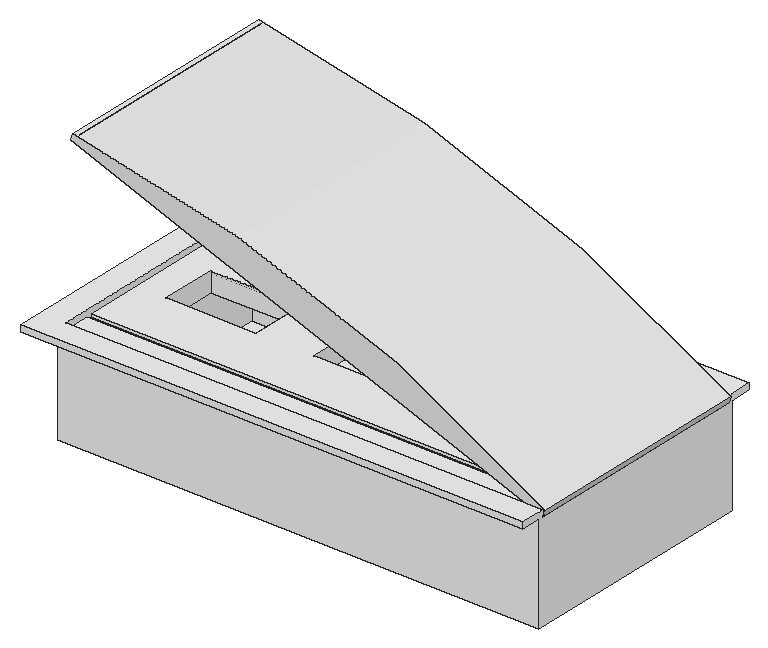
Revit family "Building-FlushMountingEnclosures-GEWISS-40CDE-ENCLOSURES_STD_SPA_WITH_DOOR_IP40_4+12M", category Apparecchi elettrici, host Superficie, Revit 2016
Family settings
  Host = Superficie
  Mantenere orientamento annotazione = Sì
  Tipo di parte = Normale
  Quota connettore circolare = Usa diametro
  Numero OmniClass = 23.80.30.00
  Titolo OmniClass = Distribution Devices
  Taglio con vuoti quando caricato = No
  Condiviso = No
  Punto di calcolo locali = Sì
Parameters (values of type "GW40339 - F.M.DEC.ENCLOSURE 4+12M.IP40 BLANK DOOR")
  wattaggio = 0 V
  apertura sortello = 45.00°
  Version file RFA = "18.0"
  VISIBILITA' SPORTELLO [instance] = yes
  VISIBILITA' ETICHETTA [instance] = yes
  URL = "https://www.gewiss.com/ww/en"
  Type of knockout holes = "Removable with tool"
  Type of enclosure = "GP"
  Thermo-pressure with ball = "70 °C"
  Technical sheet = "https://www.gewiss.com/ww/en/search?q=GW40339"
  Standard = "IEC EN 60670-1; IEC EN 60670-24"
  Spostamento_x_ET [instance] = 4000 mm
  Spostamento_x [instance] = 0 mm
  Spostamento_effettivo_x_ET [instance] = 4000 mm - Spostamento_x_ET  # 0 mm
  Spostamento_effettivo_x [instance] = 4000 mm - Spostamento_x  # 4000 mm
  Sportello = Sportello centralino cieco
  VISIBILITA' SIMBOLO [instance] = yes
  Shock resistance = "IK07"
  SEO = "Enclosure"
  Realized by GEWISS S.p.A. = ""
  Rated voltage (V) = "400"
  Rated current (In) = "40"
  Rated current (A) = "40"
  R.U. 1407-D Classifications = "CCE-ICP32"
  Produttore = "GEWISS S.p.A."
  Outer dim. LxHxD (mm) = "400x225x75"
  Operating temperature = "-15 ÷ +60°C"
  Nome quadro = "Nome quadro"
  No. EN 50022 mod. ICP sect. = "4"
  N.M. = 12  # constant formula
  N. EN 50022 mod. CB section = "12"
  Modello = "GW40339"
  Insulation voltage = "750V"
  Insulation class = "II"
  Installation = "Flush mounting enclosures"
  IP degree = "IP40"
  IDT = "f097ff3d-875a-478f-b4e7-4393150bd79a"
  IDF = "d52f4b9f-6dd3-4c3d-8361-b7901a16432f"
  Glow Wire Test = "650°C"
  Electrocod = "0311"
  EAN code = "8011564170926"
  Door colour = "Blank"
  Dispersible power (W). = "10+15"
  Dimensione modulo = 18 mm  # constant formula
  Prospetto di default = 1200 mm
  Profondità = 75 mm  # constant formula
  Numero poli = 1
  Lunghezza finestratura = Dimensione modulo * N.M.  # 216 mm
  Lunghezza Centralino = 400 mm  # constant formula
  L_Ingresso canala = 300 mm
  Immagine tipo = GW40339.jpg
  IFC.TypeObject = ""
  IFC.ExportType = ""
  IFC.ExportAs = ""
  H_ingresso canala = 300 mm
  Distanza dal muro [instance] = 4.208 mm
  Distanza orizzontale del simbolo [instance] = 427.739 mm
  Descrizione = "F.M.DEC.ENCLOSURE 4+12M.IP40 BLANK DOOR"
  Centralino = BIANCO
  Catalogue Range = "40 CDE"
  Catalogue = "BUILDING"
  Carico Apparente = 0 VA
  COBie.Tagnumber = ""
  COBie.CreatedOn = ""
  COBie.CreatebBy = ""
  COBie.ComponentRegisterItemID = ""
  COBie.Component.TagNumber = ""
  COBie.Component.Space = ""
  COBie.Component.SerialNumber = ""
  COBie.Component.InstallationDate = ""
  COBie.Component.Description = ""
  COBie.Component.BarCode = ""
  Altezza centralino = 225 mm  # constant formula
Types (2, lengths in mm): name | Technical sheet | Sportello | Modello | IDT | EAN code | Door colour | Descrizione
  GW40337 - F.M.DEC.ENCLOSURE 4+12M.IP40 TRASP.DOOR | "https://www.gewiss.com/ww/en/search?q=GW40337" | Sportello centralino trasparente | "GW40337" | "cf683289-c77f-4a0f-9ce7-fa8e676583fd" | "8011564041356" | "Smoked Transparent" | "F.M.DEC.ENCLOSURE 4+12M.IP40 TRASP.DOOR"
  GW40339 - F.M.DEC.ENCLOSURE 4+12M.IP40 BLANK DOOR | "https://www.gewiss.com/ww/en/search?q=GW40339" | Sportello centralino cieco | "GW40339" | "f097ff3d-875a-478f-b4e7-4393150bd79a" | "8011564170926" | "Blank" | "F.M.DEC.ENCLOSURE 4+12M.IP40 BLANK DOOR"
Reference planes
  plane 1 "Centro (Fronte/Retro)": y = 0
  plane 2: z = 0
  plane 3 "Centro (Sinistra/Destra)": x = 0
  plane 4: x = -200
  plane 5: y = -112.5
  plane 6: x = 200
  plane 7: y = 112.5
  plane 8: x = -180
  plane 9: y = -92.5
  plane 10: y = 92.593
  plane 11: x = -60
  plane 12 "F": z = 5
  plane 13: z = -75
  plane 14: x = -183.5
  plane 15: z = -78.5
  plane 16: y = 96.093
  plane 17: y = -96
  plane 18: x = -56
  plane 19: y = 47.5
  plane 20: y = 32.5
  plane 21: y = 22.5
  plane 22: y = -22.5
  plane 23: y = -32.5
  plane 24: y = -47.5
  plane 25: x = -156
  plane 26: x = -84
  plane 27: x = -38
  plane 28: x = 178
  plane 29: x = 196.5
  plane 30: z = -15.893
  plane 31: z = 17.061
  plane 32: y = -67.5
  plane 33: y = -71.5
  plane 34: y = 67.5
  plane 35: y = 71.5
  plane 36: z = -2
  plane 37: x = 0
  plane 38: x = -4000
  plane 39: through (-651.496, -400, 1219.2) normal (-0.7071, 0.7071, 0)
  plane 40: through (-954.818, 612.86, 1219.2) normal (0.9925, 0.1219, 0)
  plane 41: x = 0
Forms (mm)
  Extrusion 1, solid, material "BIANCO" <- "Centralino"
    sketch origin (0, 0, 0) x (1, 0, 0) y (0, 1, 0)
      loop
        line (-200, 112.5) -> (-200, -112.5) -> (200, -112.5) -> (200, -92.5) -> (-180, -92.5) -> (-180, 92.593) -> (200, 92.593) -> (200, 112.5) -> (-200, 112.5)
    from 0 to 5
  Extrusion 2, void
    sketch origin (0, 0, 0) x (1, 0, 0) y (0, 1, 0)
      loop
        line (-183.5, 96.093) -> (-183.5, -96) -> (200, -96) -> (200, 96.093) -> (-183.5, 96.093)
    from -78.5 to 0
  Extrusion 3, solid, material "BIANCO" <- "Centralino"
    sketch origin (0, 0, 0) x (1, 0, 0) y (0, 1, 0)
      loop
        line (-180, 92.593) -> (-180, -92.5) -> (196.5, -92.5) -> (196.5, 92.593) -> (-180, 92.593)
      loop
        line (-183.5, 96.093) -> (-183.5, -96) -> (200, -96) -> (200, 96.093) -> (-183.5, 96.093)
    from -78.5 to 0
  Extrusion 4, solid, material "BIANCO" <- "Centralino"
    sketch origin (0, 0, 0) x (1, 0, 0) y (0, 1, 0)
      loop
        line (-183.5, 96.093) -> (-183.5, -96) -> (200, -96) -> (200, 96.093) -> (-183.5, 96.093)
    from -78.5 to -75
  Extrusion 5, solid, material "BIANCO" <- "Centralino"
    sketch origin (0, 0, 0) x (1, 0, 0) y (0, 1, 0)
      loop
        line (-156, 22.5) -> (-156, -22.5) -> (-84, -22.5) -> (-84, 22.5) -> (-156, 22.5)
      loop
        line (-38, 22.5) -> (-38, -22.5) -> (178, -22.5) -> (178, 22.5) -> (-38, 22.5)
      loop
        line (-180, 92.593) -> (-180, -92.5) -> (196.5, -92.5) -> (196.5, 92.593) -> (-180, 92.593)
    from -15.893 to 0
  Extrusion 6, void
    sketch origin (0, 0, 0) x (1, 0, 0) y (0, 1, 0)
      loop
        line (-180, 67.5) -> (196.5, 67.5) -> (196.5, 71.5) -> (-180, 71.5) -> (-180, 67.5)
      loop
        line (-180, -71.5) -> (196.5, -71.5) -> (196.5, -67.5) -> (-180, -67.5) -> (-180, -71.5)
    from -2 to 0
  Extrusion 7, solid, material "BIANCO" <- "Centralino", detail levels coarse
    sketch origin (0, 0, 0) x (1, 0, 0) y (0, 1, 0)
      loop
        line (-200, 112.5) -> (-200, -112.5) -> (200, -112.5) -> (200, 112.5) -> (-200, 112.5)
    from -2 to 0
  Extrusion 8, solid, material "Superfice trasparente"
    sketch origin (0, 0, 0) x (1, 0, 0) y (0, 1, 0)
      loop
        line (-156, 22.5) -> (-156, -22.5) -> (-84, -22.5) -> (-84, 22.5) -> (-156, 22.5)
      loop
        line (-38, 22.5) -> (-38, -22.5) -> (178, -22.5) -> (178, 22.5) -> (-38, 22.5)
    from -2 to 0
Cuts and joins
  Extrusion 2, Extrusion 6 cuts Extrusion 1
  Extrusion 6 cuts Extrusion 3
  Extrusion 6 cuts Extrusion 4
  Extrusion 6 cuts Extrusion 5
  joined: Extrusion 1, Extrusion 3, Extrusion 4, Extrusion 5
Lines and regions (mm)
  reference lines
    curve 1: line (200, 0, 0) -> (-152.385, 0, 128.258)
  model lines, detail levels fine
    curve 2: line (-179.702, -97.5, 0) -> (-59.702, -97.5, 0)
    curve 3: line (-59.702, -97.5, 0) -> (-59.702, 97.5, 0)
    curve 4: line (-59.702, 97.5, 0) -> (-179.702, 97.5, 0)
    curve 5: line (-179.702, 97.5, 0) -> (-179.702, -97.5, 0)
    curve 6: line (-83.702, -22.5, 0) -> (-83.702, 22.5, 0)
    curve 7: line (-83.702, 22.5, 0) -> (-155.702, 22.5, 0)
    curve 8: line (-155.702, 22.5, 0) -> (-155.702, -22.5, 0)
    curve 9: line (-155.702, -22.5, 0) -> (-83.702, -22.5, 0)
    curve 10: line (-155.466, 47.5, 0) -> (-83.702, 47.5, 0)
    curve 11: line (-83.702, 47.5, 0) -> (-83.702, 32.5, 0)
    curve 12: line (-83.702, 32.5, 0) -> (-155.466, 32.5, 0)
    curve 13: line (-155.466, 32.5, 0) -> (-155.466, 47.5, 0)
    curve 14: line (-155.466, -32.5, 0) -> (-83.702, -32.5, 0)
    curve 15: line (-83.702, -32.5, 0) -> (-83.702, -47.5, 0)
    curve 16: line (-83.702, -47.5, 0) -> (-155.466, -47.5, 0)
    curve 17: line (-155.466, -47.5, 0) -> (-155.466, -32.5, 0)
    curve 18: line (-59.702, -97.5, 0) -> (192.298, -97.5, 0)
    curve 19: line (192.298, -97.5, 0) -> (192.298, 97.5, 0)
    curve 20: line (192.298, 97.5, 0) -> (-59.702, 97.5, 0)
    curve 21: line (-42.184, 47.5, 0) -> (173.816, 47.5, 0)
    curve 22: line (173.816, 47.5, 0) -> (173.816, 32.5, 0)
    curve 23: line (173.816, 32.5, 0) -> (-42.184, 32.5, 0)
    curve 24: line (-42.184, 32.5, 0) -> (-42.184, 47.5, 0)
    curve 25: line (-42.184, -32.5, 0) -> (173.816, -32.5, 0)
    curve 26: line (173.816, -32.5, 0) -> (173.816, -47.5, 0)
    curve 27: line (173.816, -47.5, 0) -> (-42.184, -47.5, 0)
    curve 28: line (-42.184, -47.5, 0) -> (-42.184, -32.5, 0)
    curve 29: line (73.455, -93.637, 0) -> (73.455, -85.912, 0)
    curve 30: line (73.455, -85.912, 0) -> (76.75, -93.637, 0)
    curve 31: line (76.75, -93.637, 0) -> (80.046, -85.912, 0)
    curve 32: line (80.046, -85.912, 0) -> (80.046, -93.637, 0)
    curve 33: line (93.456, -90.296, 0) -> (96.366, -90.296, 0)
    curve 34: line (96.366, -90.296, 0) -> (98.151, -89.869, 0)
    curve 35: line (98.151, -89.869, 0) -> (98.772, -88.782, 0)
    curve 36: line (98.772, -88.782, 0) -> (98.772, -87.424, 0)
    curve 37: line (98.772, -87.424, 0) -> (97.802, -86.26, 0)
    curve 38: line (97.802, -86.26, 0) -> (96.366, -85.912, 0)
    curve 39: line (96.366, -85.912, 0) -> (93.456, -85.912, 0)
    curve 40: line (93.456, -85.912, 0) -> (93.456, -93.637, 0)
    curve 41: line (90.783, -85.912, 0) -> (90.783, -93.637, 0)
    curve 42: line (59.911, -88.049, 0) -> (61.268, -87.39, 0)
    curve 43: line (61.268, -87.39, 0) -> (62.082, -86.731, 0)
    curve 44: line (62.082, -86.731, 0) -> (62.702, -85.912, 0)
    curve 45: line (62.702, -85.912, 0) -> (62.702, -93.637, 0)
    curve 46: line (65.903, -88.039, 0) -> (66.093, -87.16, 0)
    curve 47: line (66.093, -87.16, 0) -> (66.696, -86.367, 0)
    curve 48: line (66.696, -86.367, 0) -> (67.489, -86.023, 0)
    curve 49: line (67.489, -86.023, 0) -> (68.299, -85.912, 0)
    curve 50: line (68.299, -85.912, 0) -> (69.367, -86.006, 0)
    curve 51: line (69.367, -86.006, 0) -> (70.022, -86.643, 0)
    curve 52: line (70.022, -86.643, 0) -> (70.297, -87.591, 0)
    curve 53: line (70.297, -87.591, 0) -> (70.177, -88.642, 0)
    curve 54: line (70.177, -88.642, 0) -> (69.608, -89.624, 0)
    curve 55: line (69.608, -89.624, 0) -> (66.438, -92.364, 0)
    curve 56: line (66.438, -92.364, 0) -> (65.955, -93.07, 0)
    curve 57: line (65.955, -93.07, 0) -> (65.748, -93.637, 0)
    curve 58: line (65.748, -93.637, 0) -> (70.763, -93.637, 0)
    curve 59: line (105.346, -91.561, 0) -> (100.022, -91.561, 0)
    curve 60: line (100.022, -91.561, 0) -> (100.022, -90.915, 0)
    curve 61: line (100.022, -90.915, 0) -> (103.744, -85.912, 0)
    curve 62: line (103.744, -85.912, 0) -> (103.744, -93.637, 0)
    curve 63: line (109.863, -93.637, 0) -> (109.386, -93.637, 0)
    curve 64: line (109.386, -93.637, 0) -> (108.616, -93.322, 0)
    curve 65: line (108.616, -93.322, 0) -> (107.764, -92.391, 0)
    curve 66: line (107.764, -92.391, 0) -> (107.376, -90.879, 0)
    curve 67: line (107.376, -90.879, 0) -> (107.376, -89.445, 0)
    curve 68: line (107.376, -89.445, 0) -> (107.453, -88.049, 0)
    curve 69: line (107.453, -88.049, 0) -> (107.764, -86.963, 0)
    curve 70: line (107.764, -86.963, 0) -> (108.539, -86.227, 0)
    curve 71: line (108.539, -86.227, 0) -> (109.276, -85.912, 0)
    curve 72: line (109.276, -85.912, 0) -> (109.973, -85.912, 0)
    curve 73: line (109.973, -85.912, 0) -> (110.71, -86.227, 0)
    curve 74: line (110.71, -86.227, 0) -> (111.485, -86.963, 0)
    curve 75: line (111.485, -86.963, 0) -> (111.796, -88.049, 0)
    curve 76: line (111.796, -88.049, 0) -> (111.873, -89.445, 0)
    curve 77: line (111.873, -89.445, 0) -> (111.873, -90.879, 0)
    curve 78: line (111.873, -90.879, 0) -> (111.485, -92.391, 0)
    curve 79: line (111.485, -92.391, 0) -> (110.633, -93.322, 0)
    curve 80: line (110.633, -93.322, 0) -> (109.863, -93.637, 0)
    curve 81: line (173.816, -22.5, 0) -> (173.816, 0, 0)
    curve 82: line (173.816, 0, 0) -> (173.816, 22.5, 0)
    curve 83: line (173.816, 22.5, 0) -> (-42.184, 22.5, 0)
    curve 84: line (-42.184, 22.5, 0) -> (-42.184, -22.5, 0)
    curve 85: line (-42.184, -22.5, 0) -> (173.816, -22.5, 0)
    curve 86: line (200, -112.5, 0) -> (200, 112.5, 0)
    curve 87: line (200, 112.5, 0) -> (-200, 112.5, 0)
    curve 88: line (-200, 112.5, 0) -> (-200, -112.5, 0)
    curve 89: line (-200, -112.5, 0) -> (200, -112.5, 0)
  symbolic lines, style "InvisibleLines"
    curve 90: line (-155.702, 0, 0) -> (173.816, 0, 0)
    curve 91: line (-119.702, 22.5, 0) -> (-119.702, -22.5, 0)
    curve 92: line (65.816, 22.5, 0) -> (65.816, -22.5, 0)
  model lines, not visible, detail levels fine
    curve 93: line (648.215, 240.592, 0) -> (768.215, 240.592, 0)
    curve 94: line (768.215, 240.592, 0) -> (768.215, 435.592, 0)
    curve 95: line (768.215, 435.592, 0) -> (648.215, 435.592, 0)
    curve 96: line (648.215, 435.592, 0) -> (648.215, 240.592, 0)
    curve 97: line (744.215, 315.592, 0) -> (744.215, 360.592, 0)
    curve 98: line (744.215, 360.592, 0) -> (672.215, 360.592, 0)
    curve 99: line (672.215, 360.592, 0) -> (672.215, 315.592, 0)
    curve 100: line (672.215, 315.592, 0) -> (744.215, 315.592, 0)
    curve 101: line (672.451, 385.592, 0) -> (744.215, 385.592, 0)
    curve 102: line (744.215, 385.592, 0) -> (744.215, 370.592, 0)
    curve 103: line (744.215, 370.592, 0) -> (672.451, 370.592, 0)
    curve 104: line (672.451, 370.592, 0) -> (672.451, 385.592, 0)
    curve 105: line (672.451, 305.592, 0) -> (744.215, 305.592, 0)
    curve 106: line (744.215, 305.592, 0) -> (744.215, 290.592, 0)
    curve 107: line (744.215, 290.592, 0) -> (672.451, 290.592, 0)
    curve 108: line (672.451, 290.592, 0) -> (672.451, 305.592, 0)
    curve 109: line (768.215, 240.592, 0) -> (1020.215, 240.592, 0)
    curve 110: line (1020.215, 240.592, 0) -> (1020.215, 435.592, 0)
    curve 111: line (1020.215, 435.592, 0) -> (768.215, 435.592, 0)
    curve 112: line (785.734, 385.592, 0) -> (1001.734, 385.592, 0)
    curve 113: line (1001.734, 385.592, 0) -> (1001.734, 370.592, 0)
    curve 114: line (1001.734, 370.592, 0) -> (785.734, 370.592, 0)
    curve 115: line (785.734, 370.592, 0) -> (785.734, 385.592, 0)
    curve 116: line (785.734, 305.592, 0) -> (1001.734, 305.592, 0)
    curve 117: line (1001.734, 305.592, 0) -> (1001.734, 290.592, 0)
    curve 118: line (1001.734, 290.592, 0) -> (785.734, 290.592, 0)
    curve 119: line (785.734, 290.592, 0) -> (785.734, 305.592, 0)
    curve 120: line (901.373, 244.455, 0) -> (901.373, 252.181, 0)
    curve 121: line (901.373, 252.181, 0) -> (904.668, 244.455, 0)
    curve 122: line (904.668, 244.455, 0) -> (907.964, 252.181, 0)
    curve 123: line (907.964, 252.181, 0) -> (907.964, 244.455, 0)
    curve 124: line (921.374, 247.797, 0) -> (924.284, 247.797, 0)
    curve 125: line (924.284, 247.797, 0) -> (926.069, 248.224, 0)
    curve 126: line (926.069, 248.224, 0) -> (926.69, 249.31, 0)
    curve 127: line (926.69, 249.31, 0) -> (926.69, 250.668, 0)
    curve 128: line (926.69, 250.668, 0) -> (925.719, 251.832, 0)
    curve 129: line (925.719, 251.832, 0) -> (924.284, 252.181, 0)
    curve 130: line (924.284, 252.181, 0) -> (921.374, 252.181, 0)
    curve 131: line (921.374, 252.181, 0) -> (921.374, 244.455, 0)
    curve 132: line (918.701, 252.181, 0) -> (918.701, 244.455, 0)
    curve 133: line (887.829, 250.044, 0) -> (889.186, 250.703, 0)
    curve 134: line (889.186, 250.703, 0) -> (890, 251.362, 0)
    curve 135: line (890, 251.362, 0) -> (890.62, 252.181, 0)
    curve 136: line (890.62, 252.181, 0) -> (890.62, 244.455, 0)
    curve 137: line (893.821, 250.053, 0) -> (894.011, 250.932, 0)
    curve 138: line (894.011, 250.932, 0) -> (894.614, 251.725, 0)
    curve 139: line (894.614, 251.725, 0) -> (895.407, 252.07, 0)
    curve 140: line (895.407, 252.07, 0) -> (896.216, 252.181, 0)
    curve 141: line (896.216, 252.181, 0) -> (897.285, 252.087, 0)
    curve 142: line (897.285, 252.087, 0) -> (897.94, 251.449, 0)
    curve 143: line (897.94, 251.449, 0) -> (898.215, 250.502, 0)
    curve 144: line (898.215, 250.502, 0) -> (898.095, 249.45, 0)
    curve 145: line (898.095, 249.45, 0) -> (897.526, 248.468, 0)
    curve 146: line (897.526, 248.468, 0) -> (894.355, 245.728, 0)
    curve 147: line (894.355, 245.728, 0) -> (893.873, 245.022, 0)
    curve 148: line (893.873, 245.022, 0) -> (893.666, 244.455, 0)
    curve 149: line (893.666, 244.455, 0) -> (898.681, 244.455, 0)
    curve 150: line (933.264, 246.531, 0) -> (927.94, 246.531, 0)
    curve 151: line (927.94, 246.531, 0) -> (927.94, 247.177, 0)
    curve 152: line (927.94, 247.177, 0) -> (931.662, 252.181, 0)
    curve 153: line (931.662, 252.181, 0) -> (931.662, 244.455, 0)
    curve 154: line (937.781, 244.455, 0) -> (937.304, 244.455, 0)
    curve 155: line (937.304, 244.455, 0) -> (936.534, 244.771, 0)
    curve 156: line (936.534, 244.771, 0) -> (935.681, 245.701, 0)
    curve 157: line (935.681, 245.701, 0) -> (935.294, 247.213, 0)
    curve 158: line (935.294, 247.213, 0) -> (935.294, 248.648, 0)
    curve 159: line (935.294, 248.648, 0) -> (935.371, 250.044, 0)
    curve 160: line (935.371, 250.044, 0) -> (935.681, 251.129, 0)
    curve 161: line (935.681, 251.129, 0) -> (936.457, 251.866, 0)
    curve 162: line (936.457, 251.866, 0) -> (937.193, 252.181, 0)
    curve 163: line (937.193, 252.181, 0) -> (937.891, 252.181, 0)
    curve 164: line (937.891, 252.181, 0) -> (938.628, 251.866, 0)
    curve 165: line (938.628, 251.866, 0) -> (939.403, 251.129, 0)
    curve 166: line (939.403, 251.129, 0) -> (939.714, 250.044, 0)
    curve 167: line (939.714, 250.044, 0) -> (939.791, 248.648, 0)
    curve 168: line (939.791, 248.648, 0) -> (939.791, 247.213, 0)
    curve 169: line (939.791, 247.213, 0) -> (939.403, 245.701, 0)
    curve 170: line (939.403, 245.701, 0) -> (938.55, 244.771, 0)
    curve 171: line (938.55, 244.771, 0) -> (937.781, 244.455, 0)
    curve 172: line (1001.734, 315.592, 0) -> (1001.734, 338.092, 0)
    curve 173: line (1001.734, 338.092, 0) -> (1001.734, 360.592, 0)
    curve 174: line (1001.734, 360.592, 0) -> (785.734, 360.592, 0)
    curve 175: line (785.734, 360.592, 0) -> (785.734, 315.592, 0)
    curve 176: line (785.734, 315.592, 0) -> (1001.734, 315.592, 0)
    curve 177: line (1027.918, 225.592, 0) -> (1027.918, 450.592, 0)
    curve 178: line (1027.918, 450.592, 0) -> (627.918, 450.592, 0)
    curve 179: line (627.918, 450.592, 0) -> (627.918, 225.592, 0)
    curve 180: line (627.918, 225.592, 0) -> (1027.918, 225.592, 0)
  symbolic lines, style "InvisibleLines", not visible
    curve 181: line (672.215, 338.092, 0) -> (1001.734, 338.092, 0)
    curve 182: line (708.215, 360.592, 0) -> (708.215, 315.592, 0)
    curve 183: line (893.734, 360.592, 0) -> (893.734, 315.592, 0)
  model lines, style "InvisibleLines"
    curve 184: line (-52, 0, 5) -> (178, 0, 5)
    curve 185: line (-155.702, 0, 5) -> (-84, 0, 5)
Dimensions and locks
  equal spacing: plane 4, plane 3 "Centro (Sinistra/Destra)", plane 6
  equal spacing: plane 7, plane 1 "Centro (Fronte/Retro)", plane 5
  locked: plane 4 to plane 8 at 20
  locked: plane 9 to plane 5 at 20
  locked: plane 7 to plane 10 at 19.907
  locked: plane 8 to plane 11 at 120
  "Lunghezza Centralino": plane 4 to plane 6
  locked: plane 12 "F" to host face at 5
  "Profondità": host face to plane 13
  locked: plane 8 to plane 14 at 3.5
  locked: plane 13 to plane 15 at 3.5
  locked: plane 16 to plane 10 at 3.5
  locked: plane 9 to plane 17 at 3.5
  "Altezza centralino": plane 7 to plane 5
  locked: plane 22 to plane 21 at 45
  locked: plane 21 to plane 20 at 10
  locked: plane 20 to plane 19 at 15
  plane 24 to plane 23 to plane 22 = 15 mm locked, 10 mm locked
  locked: plane 8 to plane 25 at 24
  locked: plane 26 to plane 11 at 24
  "Lunghezza finestratura": plane 27 to plane 28
  locked: plane 11 to plane 27 at 22
  locked: plane 29 to plane 6 at 3.5
  locked: host face to plane 30 at 15.893
  locked: plane 31 to host face at 17.061
  locked: plane 33 to plane 32 at 4
  plane 16 to plane 10 = 3.5 mm
  locked: plane 34 to plane 35 at 4
  locked: plane 11 to plane 18 at 4
  locked: host face to plane 36 at 2
  plane 38 to plane 3 "Centro (Sinistra/Destra)" = 4000 mm
  "Spostamento_effettivo_x": plane 38 to plane 37
  "Spostamento_x_ET": plane 38 to plane 41
  angle curve 1 to host face = 20.00°
  angle plane 39 to plane 40 = 52.00°  (x2)
  angle plane 14 to plane 40 = 7.00°
  angle plane 38 to plane 40 = 7.00°
  aligned and locked: plane 2 to host face
  aligned and locked: level to host face
  aligned and locked: Extrusion 1 sketch curve to plane 7
  aligned and locked: plane 4 to Extrusion 1 sketch curve
  aligned and locked: plane 5 to Extrusion 1 sketch curve
  aligned and locked: Extrusion 1 sketch curve to plane 6
  aligned and locked: Extrusion 1 sketch curve to plane 10
  aligned and locked: plane 8 to Extrusion 1 sketch curve
  aligned and locked: plane 9 to Extrusion 1 sketch curve
  aligned and locked: Extrusion 1 to plane 12 "F"
  aligned and locked: level to Extrusion 2
  aligned and locked: Extrusion 2 sketch curve to plane 16
  aligned and locked: plane 14 to Extrusion 2 sketch curve
  aligned and locked: plane 17 to Extrusion 2 sketch curve
  aligned and locked: Extrusion 2 to plane 15
  aligned and locked: Extrusion 3 sketch curve to plane 16
  aligned and locked: Extrusion 3 sketch curve to plane 10
  aligned and locked: plane 14 to Extrusion 3 sketch curve
  aligned and locked: plane 8 to Extrusion 3 sketch curve
  aligned and locked: plane 17 to Extrusion 3 sketch curve
  aligned and locked: plane 9 to Extrusion 3 sketch curve
  aligned and locked: Extrusion 3 to plane 15
  aligned and locked: level to Extrusion 3
  aligned and locked: plane 17 to Extrusion 4 sketch curve
  aligned and locked: plane 14 to Extrusion 4 sketch curve
  aligned and locked: Extrusion 4 sketch curve to plane 16
  aligned and locked: Extrusion 4 to plane 15
  aligned and locked: plane 13 to Extrusion 4
  aligned and locked: Extrusion 2 sketch curve to plane 6
  aligned and locked: Extrusion 3 sketch curve to plane 6
  aligned and locked: Extrusion 3 sketch curve to plane 29
  aligned and locked: Extrusion 4 sketch curve to plane 6
  aligned and locked: plane 21 to Extrusion 5 sketch curve  (x2)
  aligned and locked: plane 25 to Extrusion 5 sketch curve
  aligned and locked: Extrusion 5 sketch curve to plane 26
  aligned and locked: Extrusion 5 sketch curve to plane 22  (x2)
  aligned and locked: Extrusion 5 sketch curve to plane 28
  aligned and locked: plane 27 to Extrusion 5 sketch curve
  aligned and locked: Extrusion 5 sketch curve to plane 10
  aligned and locked: plane 8 to Extrusion 5 sketch curve
  aligned and locked: Extrusion 5 sketch curve to plane 29
  aligned and locked: plane 9 to Extrusion 5 sketch curve
  aligned and locked: host face to Extrusion 5
  aligned and locked: Extrusion 5 to plane 30
  aligned and locked: plane 6 to curve 1
  aligned and locked: Extrusion 6 sketch curve to plane 32
  aligned and locked: Extrusion 6 sketch curve to plane 33
  aligned and locked: Extrusion 6 sketch curve to plane 8  (x2)
  aligned and locked: plane 29 to Extrusion 6 sketch curve  (x2)
  aligned and locked: Extrusion 6 sketch curve to plane 35
  aligned and locked: plane 34 to Extrusion 6 sketch curve
  aligned and locked: plane 36 to Extrusion 6
  aligned and locked: level to Extrusion 6
  aligned and locked: plane 5 to Extrusion 7 sketch curve
  aligned and locked: Extrusion 7 sketch curve to plane 7
  aligned and locked: plane 4 to Extrusion 7 sketch curve
  aligned and locked: Extrusion 7 sketch curve to plane 6
  aligned and locked: Extrusion 7 to cut or joined group of Extrusion 1, Extrusion 2, Extrusion 3, Extrusion 4, Extrusion 5, Extrusion 6
  aligned and locked: level to Extrusion 7
  aligned and locked: plane 2 to curve 89
  aligned and locked: nested 1 to plane 10
  aligned and locked: plane 37 to nested 2
  aligned and locked: nested 1 to plane 9
  aligned and locked: plane 21 to Extrusion 8 sketch curve  (x2)
  aligned and locked: Extrusion 8 sketch curve to plane 22  (x2)
  aligned and locked: plane 27 to Extrusion 8 sketch curve
  aligned and locked: Extrusion 8 sketch curve to plane 26
  aligned and locked: plane 25 to Extrusion 8 sketch curve
  aligned and locked: Extrusion 8 sketch curve to plane 28
  aligned and locked: plane 36 to Extrusion 8
  aligned and locked: host face to Extrusion 8
  aligned and locked: curve 1 to plane 1 "Centro (Fronte/Retro)"
  aligned and locked: plane 28 to curve 184
  aligned and locked: plane 41 to nested 3
  aligned and locked: nested 4 to plane 29
  aligned and locked: plane 14 to nested 4
  aligned and locked: nested 4 to host face
Automatic sketch dimensions
  host sketch curve to host sketch curve = 2438.4 mm  (x2)
  Extrusion 1 sketch curve to plane 6 = 0 mm
  curve 1 to level = 0 mm
  curve 87 to curve 5 = 20.298 mm
  curve 8 to curve 17 = 0.236 mm
  curve 7 to curve 10 = 0.236 mm
  curve 10 to curve 11 = 71.764 mm
  curve 14 to curve 11 = 0 mm
  curve 9 to curve 14 = 0 mm
  curve 85 to curve 25 = 0 mm
  curve 23 to curve 83 = 0 mm
  curve 42 to curve 43 = 0.814 mm
  curve 43 to curve 45 = 0.62 mm
  curve 45 to curve 57 = 3.046 mm
  curve 57 to curve 57 = 0.207 mm
  curve 44 to curve 46 = 3.391 mm
  curve 56 to curve 55 = 0.482 mm
  curve 46 to curve 47 = 0.603 mm
  curve 47 to curve 48 = 0.793 mm
  curve 48 to curve 50 = 0.81 mm
  curve 49 to curve 51 = 1.068 mm
  curve 50 to curve 55 = 0.241 mm
  curve 50 to curve 52 = 0.655 mm
  curve 54 to curve 54 = 0.569 mm
  curve 51 to curve 52 = 0.276 mm
  curve 51 to curve 29 = 3.433 mm
  curve 29 to curve 31 = 3.295 mm
  curve 29 to curve 31 = 6.591 mm
  curve 31 to curve 40 = 13.41 mm
  curve 33 to curve 33 = 2.91 mm
  curve 39 to curve 39 = 2.91 mm
  curve 38 to curve 38 = 1.436 mm
  curve 33 to curve 35 = 1.785 mm
  curve 34 to curve 36 = 0.621 mm
  curve 34 to curve 61 = 1.871 mm
  curve 36 to curve 61 = 4.972 mm
  curve 61 to curve 68 = 3.632 mm
  curve 67 to curve 69 = 0.078 mm
  curve 66 to curve 66 = 0.388 mm
  curve 68 to curve 70 = 0.31 mm
  curve 69 to curve 71 = 0.775 mm
  curve 65 to curve 65 = 0.853 mm
  curve 70 to curve 72 = 0.737 mm
  curve 64 to curve 63 = 0.769 mm
  curve 63 to curve 80 = 0.477 mm
  curve 72 to curve 72 = 0.698 mm
  curve 63 to curve 80 = 0.769 mm
  curve 72 to curve 74 = 0.737 mm
  curve 73 to curve 75 = 0.775 mm
  curve 79 to curve 79 = 0.853 mm
  curve 74 to curve 76 = 0.31 mm
  curve 75 to curve 77 = 0.078 mm
  curve 73 to curve 83 = 63.106 mm
  curve 27 to curve 81 = 0 mm
  curve 23 to curve 82 = 0 mm
  curve 18 to curve 89 = 7.702 mm
  curve 88 to curve 3 = 15 mm
  curve 57 to curve 30 = 0 mm
  curve 63 to curve 64 = 0.316 mm
  curve 63 to curve 80 = 0.316 mm
  curve 57 to curve 57 = 0.567 mm
  curve 64 to curve 66 = 0.93 mm
  curve 79 to curve 79 = 0.93 mm
  curve 56 to curve 55 = 0.706 mm
  curve 65 to curve 59 = 0.83 mm
  curve 59 to curve 60 = 0.646 mm
  curve 78 to curve 78 = 1.512 mm
  curve 65 to curve 66 = 1.512 mm
  curve 60 to curve 33 = 0.619 mm
  curve 33 to curve 34 = 0.427 mm
  curve 58 to curve 55 = 4.013 mm
  curve 66 to curve 67 = 1.435 mm
  curve 77 to curve 76 = 1.435 mm
  curve 34 to curve 36 = 1.086 mm
  curve 54 to curve 54 = 0.982 mm
  curve 67 to curve 69 = 1.396 mm
  curve 77 to curve 75 = 1.396 mm
  curve 53 to curve 53 = 1.051 mm
  curve 35 to curve 37 = 1.358 mm
  curve 55 to curve 42 = 4.974 mm
  curve 52 to curve 47 = 0.431 mm
  curve 75 to curve 75 = 1.086 mm
  curve 68 to curve 69 = 1.086 mm
  curve 42 to curve 44 = 0.659 mm
  curve 52 to curve 52 = 0.948 mm
  curve 46 to curve 47 = 0.793 mm
  curve 36 to curve 38 = 1.164 mm
  curve 69 to curve 70 = 0.737 mm
  curve 74 to curve 74 = 0.737 mm
  curve 47 to curve 48 = 0.345 mm
  curve 51 to curve 50 = 0.638 mm
  curve 37 to curve 38 = 0.349 mm
  curve 30 to curve 32 = 7.726 mm
  curve 51 to curve 30 = 0.732 mm
  curve 73 to curve 72 = 0.315 mm
  curve 43 to curve 44 = 0.819 mm
  curve 69 to curve 61 = 1.052 mm
  curve 48 to curve 49 = 0.111 mm
  curve 2 to curve 16 = 50 mm
  curve 26 to curve 25 = 15 mm
  curve 15 to curve 14 = 15 mm
  curve 25 to curve 81 = 10 mm
  curve 14 to curve 9 = 10 mm
  curve 81 to curve 81 = 22.5 mm
  curve 6 to curve 6 = 45 mm
  curve 6 to curve 84 = 0 mm
  curve 83 to curve 24 = 10 mm
  curve 7 to curve 13 = 10 mm
  curve 23 to curve 21 = 15 mm
  curve 12 to curve 13 = 15 mm
  curve 19 to curve 87 = 15 mm
  curve 8 to curve 91 = 36 mm
  curve 42 to curve 42 = 1.357 mm
  curve 83 to curve 92 = 108 mm
  curve 46 to curve 46 = 0.19 mm
  curve 58 to curve 29 = 2.692 mm
  curve 41 to curve 40 = 2.673 mm
  curve 59 to curve 66 = 2.03 mm
  curve 58 to curve 29 = 0 mm
  curve 30 to curve 32 = 0 mm
  curve 40 to curve 33 = 3.342 mm
  curve 41 to curve 40 = 0 mm
  curve 45 to curve 57 = 0 mm
  curve 62 to curve 59 = 2.076 mm
  curve 42 to curve 42 = 0.659 mm
  curve 46 to curve 46 = 0.879 mm
  curve 41 to curve 39 = 0 mm
  curve 2 to curve 9 = 24 mm
  curve 43 to curve 92 = 4.548 mm
  curve 31 to curve 92 = 71.137 mm
  curve 32 to curve 80 = 0 mm
  curve 57 to curve 92 = 116.137 mm
  curve 15 to curve 18 = 24 mm
  curve 10 to curve 21 = 41.518 mm
  curve 26 to curve 19 = 18.482 mm
  curve 21 to curve 19 = 50 mm
  curve 178 to curve 96 = 20.298 mm
  curve 99 to curve 108 = 0.236 mm
  curve 98 to curve 101 = 0.236 mm
  curve 101 to curve 102 = 71.764 mm
  curve 105 to curve 102 = 0 mm
  curve 100 to curve 105 = 0 mm
  curve 176 to curve 116 = 0 mm
  curve 114 to curve 174 = 0 mm
  curve 133 to curve 134 = 0.814 mm
  curve 134 to curve 136 = 0.62 mm
  curve 136 to curve 148 = 3.046 mm
  curve 148 to curve 148 = 0.207 mm
  curve 135 to curve 137 = 3.391 mm
  curve 147 to curve 146 = 0.482 mm
  curve 137 to curve 138 = 0.603 mm
  curve 138 to curve 139 = 0.793 mm
  curve 139 to curve 141 = 0.81 mm
  curve 140 to curve 142 = 1.068 mm
  curve 141 to curve 146 = 0.241 mm
  curve 141 to curve 143 = 0.655 mm
  curve 145 to curve 145 = 0.569 mm
  curve 142 to curve 143 = 0.276 mm
  curve 142 to curve 120 = 3.433 mm
  curve 120 to curve 122 = 3.295 mm
  curve 120 to curve 122 = 6.591 mm
  curve 122 to curve 131 = 13.41 mm
  curve 124 to curve 124 = 2.91 mm
  curve 130 to curve 130 = 2.91 mm
  curve 129 to curve 129 = 1.436 mm
  curve 124 to curve 126 = 1.785 mm
  curve 125 to curve 127 = 0.621 mm
  curve 125 to curve 152 = 1.871 mm
  curve 127 to curve 152 = 4.972 mm
  curve 152 to curve 159 = 3.632 mm
  curve 158 to curve 160 = 0.078 mm
  curve 157 to curve 157 = 0.388 mm
  curve 159 to curve 161 = 0.31 mm
  curve 160 to curve 162 = 0.775 mm
  curve 156 to curve 156 = 0.853 mm
  curve 161 to curve 163 = 0.737 mm
  curve 155 to curve 154 = 0.769 mm
  curve 154 to curve 171 = 0.477 mm
  curve 163 to curve 163 = 0.698 mm
  curve 154 to curve 171 = 0.769 mm
  curve 163 to curve 165 = 0.737 mm
  curve 164 to curve 166 = 0.775 mm
  curve 170 to curve 170 = 0.853 mm
  curve 165 to curve 167 = 0.31 mm
  curve 166 to curve 168 = 0.078 mm
  curve 164 to curve 174 = 63.106 mm
  curve 118 to curve 172 = 0 mm
  curve 114 to curve 173 = 0 mm
  curve 109 to curve 180 = 7.702 mm
  curve 179 to curve 94 = 15 mm
  curve 148 to curve 121 = 0 mm
  curve 154 to curve 155 = 0.316 mm
  curve 154 to curve 171 = 0.316 mm
  curve 148 to curve 148 = 0.567 mm
  curve 155 to curve 157 = 0.93 mm
  curve 170 to curve 170 = 0.93 mm
  curve 147 to curve 146 = 0.706 mm
  curve 156 to curve 150 = 0.83 mm
  curve 150 to curve 151 = 0.646 mm
  curve 169 to curve 169 = 1.512 mm
  curve 156 to curve 157 = 1.512 mm
  curve 151 to curve 124 = 0.619 mm
  curve 124 to curve 125 = 0.427 mm
  curve 149 to curve 146 = 4.013 mm
  curve 157 to curve 158 = 1.435 mm
  curve 168 to curve 167 = 1.435 mm
  curve 125 to curve 127 = 1.086 mm
  curve 145 to curve 145 = 0.982 mm
  curve 158 to curve 160 = 1.396 mm
  curve 168 to curve 166 = 1.396 mm
  curve 144 to curve 144 = 1.051 mm
  curve 126 to curve 128 = 1.358 mm
  curve 146 to curve 133 = 4.974 mm
  curve 143 to curve 138 = 0.431 mm
  curve 166 to curve 166 = 1.086 mm
  curve 159 to curve 160 = 1.086 mm
  curve 133 to curve 135 = 0.659 mm
  curve 143 to curve 143 = 0.948 mm
  curve 137 to curve 138 = 0.793 mm
  curve 127 to curve 129 = 1.164 mm
  curve 160 to curve 161 = 0.737 mm
  curve 165 to curve 165 = 0.737 mm
  curve 138 to curve 139 = 0.345 mm
  curve 142 to curve 141 = 0.638 mm
  curve 128 to curve 129 = 0.349 mm
  curve 121 to curve 123 = 7.726 mm
  curve 142 to curve 121 = 0.732 mm
  curve 164 to curve 163 = 0.315 mm
  curve 134 to curve 135 = 0.819 mm
  curve 160 to curve 152 = 1.052 mm
  curve 139 to curve 140 = 0.111 mm
  curve 93 to curve 107 = 50 mm
  curve 117 to curve 116 = 15 mm
  curve 106 to curve 105 = 15 mm
  curve 116 to curve 172 = 10 mm
  curve 105 to curve 100 = 10 mm
  curve 172 to curve 172 = 22.5 mm
  curve 97 to curve 97 = 45 mm
  curve 97 to curve 175 = 0 mm
  curve 174 to curve 115 = 10 mm
  curve 98 to curve 104 = 10 mm
  curve 114 to curve 112 = 15 mm
  curve 103 to curve 104 = 15 mm
  curve 110 to curve 178 = 15 mm
  curve 99 to curve 182 = 36 mm
  curve 133 to curve 133 = 1.357 mm
  curve 174 to curve 183 = 108 mm
  curve 137 to curve 137 = 0.19 mm
  curve 149 to curve 120 = 2.692 mm
  curve 132 to curve 131 = 2.673 mm
  curve 150 to curve 157 = 2.03 mm
  curve 149 to curve 120 = 0 mm
  curve 121 to curve 123 = 0 mm
  curve 131 to curve 124 = 3.342 mm
  curve 132 to curve 131 = 0 mm
  curve 136 to curve 148 = 0 mm
  curve 153 to curve 150 = 2.076 mm
  curve 133 to curve 133 = 0.659 mm
  curve 137 to curve 137 = 0.879 mm
  curve 132 to curve 130 = 0 mm
  curve 93 to curve 100 = 24 mm
  curve 134 to curve 183 = 4.548 mm
  curve 122 to curve 183 = 71.137 mm
  curve 123 to curve 171 = 0 mm
  curve 148 to curve 183 = 116.137 mm
  curve 106 to curve 109 = 24 mm
  curve 101 to curve 112 = 41.518 mm
  curve 117 to curve 110 = 18.482 mm
  curve 112 to curve 110 = 50 mm
  plane 1 "Centro (Fronte/Retro)" to curve 184 = 0 mm
  plane 18 to curve 184 = 4 mm
  Extrusion 1 to curve 185 = 24.298 mm
  Extrusion 1 to curve 185 = 92.5 mm
  curve 185 to curve 185 = 71.702 mm
Nested families
  nested 1: "Sportello" at (200, 1376.815, 0) x (0.9397, 0, -0.342) z (0, -1, 0), visible <- "VISIBILITA' SPORTELLO", type "Sportello", detail levels fine
    with Altezza pannello 185.093 mm
  nested 2: "CENTRALINO" at (0, 209.284, 0), Distanza dal muro <- "Distanza dal muro", SIMBOLO ACCESO <- "VISIBILITA' SIMBOLO", type "CENTRALINO"
    with SIMBOLO ACCESO yes, Distanza dal muro 4.208 mm, BORDO ACCESO yes
  nested 3: "etichetta quadro" at (0, 550.647, 0), visible <- "VISIBILITA' ETICHETTA", type "etichetta quadro"
  nested 4: "apertura in pianta" at (6.5, 0, 0) x (1, 0, 0) z (0, -1, 0), Angolo apertura <- "apertura sortello", type "apertura in pianta", detail levels coarse+medium
    with Apertura 380 mm, Angolo apertura 45.00°
Connectors
  cabletrayconduit at (8.25, 92.593, -45.447), diameter 600, driven by "H_ingresso canala", driven by "L_Ingresso canala"
    settings: on cut or joined group of Extrusion 1, Extrusion 2, Extrusion 3, Extrusion 4, Extrusion 5, Extrusion 6, index 2, connector width 300 mm, connector height 300 mm, connector angle 0.00°, system type 32, placement type 0, profile type 1, connector reference index -1, is primary connector yes, connector utility param no, connector description ""
  cabletrayconduit at (196.5, 0.046, -45.447), diameter 600, driven by "H_ingresso canala", driven by "L_Ingresso canala"
    settings: on cut or joined group of Extrusion 1, Extrusion 2, Extrusion 3, Extrusion 4, Extrusion 5, Extrusion 6, index 3, connector width 300 mm, connector height 300 mm, connector angle 0.00°, system type 32, placement type 0, profile type 1, connector reference index -1, is primary connector no, connector utility param no, connector description ""
  electrical at (8.25, -96, -39.25), driven by "Numero poli", driven by "Carico Apparente", driven by "wattaggio"
    settings: on cut or joined group of Extrusion 1, Extrusion 2, Extrusion 3, Extrusion 4, Extrusion 5, Extrusion 6, index 4, voltage 0 V, apparent load 0 VA, apparent load phase1 0 VA, apparent load phase2 0 VA, apparent load phase3 0 VA, power factor 1, load classification "Altro", number of poles 1, system type 30, power factor state 1, is connector primary yes, connector utility no, sub classification motor no, connector description ""
Definition of nested family "Sportello"
  Parameters (values of type "Sportello")
    Sportello = none
    Spessore pannello = 5 mm
    Default Elevation = 1219.2 mm
    Lunghezza pannello = 400 mm
    Altezza pannello [instance] = 165 mm
    ALtezza da terra = 1284.222 mm
  Reference planes
    plane 1 "Centro (Fronte/Retro)": y = 0
    plane 2: z = 0
    plane 3 "Centro (Sinistra/Destra)": x = 0
    plane 4: x = -400
    plane 5: y = 5
    plane 6: z = 1449.222
    plane 7: z = 1284.222
    plane 8: x = -397
    plane 9: x = -3
    plane 10: z = 1447.722
    plane 11: z = 1285.722
  Forms (mm)
    Extrusion 1, solid, material <- "Sportello"
      sketch origin (0, 10, 0) x (1, 0, 0) y (0, 1, 0)
        loop
          line (-400, -10) -> (0, -10) -> (0, -5)
          arc (0, -5) -> (-200, 17.061) -> (-400, -5) r 917.613
          line (-400, -5) -> (-400, -10)
      from 1284.222 to 1449.222
    Extrusion 2, void
      sketch origin (0, 0, 0) x (1, 0, 0) y (0, 1, 0)
        loop
          line (-397, 0) -> (-3, 0) -> (-3, 5) -> (-397, 5) -> (-397, 0)
      from 1285.722 to 1447.722
  Cuts and joins
    Extrusion 2 cuts Extrusion 1
  Dimensions and locks
    "Lunghezza pannello": plane 4 to plane 3 "Centro (Sinistra/Destra)"
    "Spessore pannello": plane 1 "Centro (Fronte/Retro)" to plane 5
    "Altezza pannello": plane 6 to plane 7
    "ALtezza da terra": plane 7 to plane 2
    locked: plane 4 to plane 8 at 3
    plane 9 to plane 3 "Centro (Sinistra/Destra)" = 3 mm
    locked: plane 6 to plane 10 at 1.5
    locked: plane 11 to plane 7 at 1.5
    aligned and locked: level to plane 2
    aligned and locked: plane 4 to Extrusion 1 sketch curve
    aligned and locked: Extrusion 1 sketch curve to plane 3 "Centro (Sinistra/Destra)"
    aligned and locked: Extrusion 1 to plane 7
    aligned and locked: plane 6 to Extrusion 1
    aligned and locked: plane 1 "Centro (Fronte/Retro)" to Extrusion 1
    aligned and locked: plane 1 "Centro (Fronte/Retro)" to Extrusion 2 sketch curve
    aligned and locked: Extrusion 2 sketch curve to plane 8
    aligned and locked: Extrusion 2 sketch curve to plane 5
    aligned and locked: plane 9 to Extrusion 2 sketch curve
    aligned and locked: plane 10 to Extrusion 2
    aligned and locked: Extrusion 2 to plane 11
  Automatic sketch dimensions
    plane 1 "Centro (Fronte/Retro)" to Extrusion 1 sketch curve = 0 mm
    plane 5 to Extrusion 1 sketch curve = 0 mm  (x2)
    plane 1 "Centro (Fronte/Retro)" to Extrusion 1 sketch curve = 890.552 mm
Definition of nested family "CENTRALINO"
  Parameters (values of type "CENTRALINO")
    SIMBOLO ACCESO [instance] = yes
    Distanza dal muro [instance] = 4.208 mm
    BORDO ACCESO [instance] = yes
  Reference planes
    plane 1: y = 0
    plane 2: x = 0
  Dimensions and locks
    "Distanza dal muro": plane 1 to nested 1
    aligned and locked: plane 2 to nested 1
  Nested families
    nested 1: "CENTRALINO_BASE" at (0, 4.208, 0), BORDO ACCESO <- "BORDO ACCESO", SIMBOLO ACCESO <- "SIMBOLO ACCESO", type "CENTRALINO"
      with BORDO ACCESO yes
  Definition of nested family "CENTRALINO_BASE"
    Parameters (values of type "CENTRALINO")
      SIMBOLO ACCESO [instance] = yes
      Distanza dal muro = 4.208 mm
      BORDO ACCESO [instance] = yes
    Reference planes
      plane 1: y = 0
      plane 2: x = 0
    Lines and regions (mm)
      detail lines, visible <- "BORDO ACCESO", not visible
        curve 1: line (-2.443, 10.208, 0) -> (2.057, 10.208, 0)
        curve 2: line (2.057, 10.208, 0) -> (2.057, 4.208, 0)
        curve 3: line (2.057, 4.208, 0) -> (-2.443, 4.208, 0)
        curve 4: line (-2.443, 4.208, 0) -> (-2.443, 10.208, 0)
        curve 5: line (-2.043, 9.808, 0) -> (1.657, 9.808, 0)
        curve 6: line (1.657, 9.808, 0) -> (1.657, 4.608, 0)
        curve 7: line (1.657, 4.608, 0) -> (-2.043, 4.608, 0)
        curve 8: line (-2.043, 4.608, 0) -> (-2.043, 9.808, 0)
      detail lines, visible <- "SIMBOLO ACCESO"
        curve 9: line (0, 0.905, 0) -> (0, 0.235, 0)
        curve 10: line (0.659, 0.905, 0) -> (0.659, 1.564, 0)
        curve 11: line (0.659, 1.564, 0) -> (-0.659, 1.564, 0)
        curve 12: line (-0.659, 1.564, 0) -> (-0.659, 0.905, 0)
        curve 13: line (-0.659, 0.905, 0) -> (0.659, 0.905, 0)
        curve 14: line (0.497, 1.564, 0) -> (0.497, 2.235, 0)
        curve 15: line (0.167, 1.564, 0) -> (0.167, 2.235, 0)
        curve 16: line (-0.162, 1.564, 0) -> (-0.162, 2.235, 0)
        curve 17: line (-0.491, 1.564, 0) -> (-0.491, 2.235, 0)
Definition of nested family "etichetta quadro"
  Parameters (values of type "etichetta quadro")
    Nome Quadro = "Nome quadro"
  Reference planes
    plane 1: y = 0
    plane 2: x = 0
  Text (mm)
    label "QE" at (0.542, 2.149, 0), shows "Nome Quadro"
Definition of nested family "apertura in pianta"
  Parameters (values of type "apertura in pianta")
    Apertura [instance] = 834.934 mm
    Angolo apertura [instance] = 45.00°
  Reference planes
    plane 1 "Centro (Fronte/Retro)": y = 0
    plane 2: z = 0
    plane 3 "Centro (Sinistra/Destra)": x = 0
    plane 4: x = -417.467
    plane 5: x = 417.467
  Lines and regions (mm)
    detail lines, in view "Livello rif."
      curve 1: line (417.467, 0, 0) -> (-417.467, 0, 0)
      curve 2: arc (-417.467, 0, 0) -> (-353.912, 319.516, 0) -> (-172.921, 590.388, 0) r 834.934
      curve 3: line (417.467, 0, 0) -> (-172.921, 590.388, 0)
  Dimensions and locks
    equal spacing: plane 4, plane 3 "Centro (Sinistra/Destra)", plane 5
    "Apertura": plane 4 to plane 5
    "Angolo apertura": angle curve 3 to plane 1 "Centro (Fronte/Retro)"
  Automatic sketch dimensions
    plane 1 "Centro (Fronte/Retro)" to curve 1 = 0 mm
    curve 1 to plane 4 = 0 mm
    curve 3 to plane 5 = 0 mm
    curve 2 to plane 5 = 0 mm
